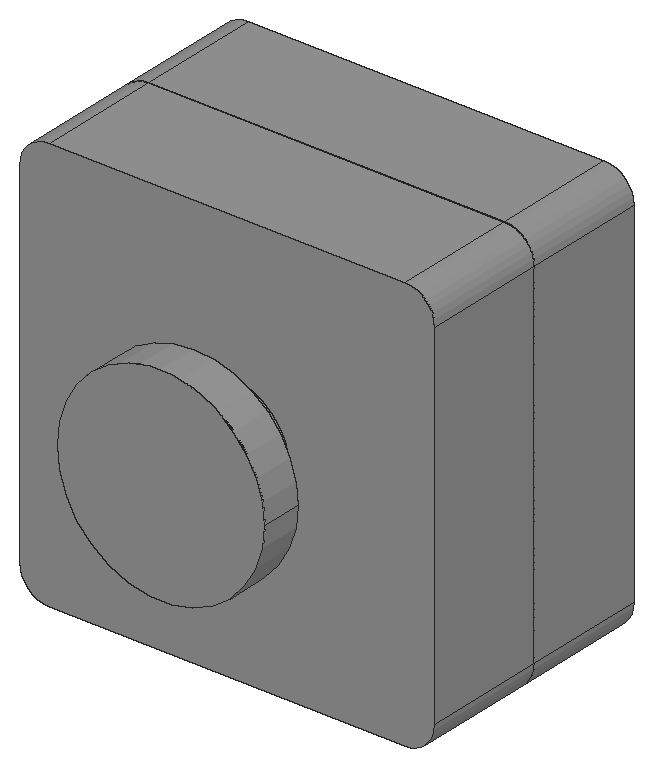
Revit family "ELF-OTR-AEC-E_Stop_Switch", category Electrical Fixtures, Revit 2016
Family settings
  Maintain Annotation Orientation = No
  Part Type = Normal
  Round Connector Dimension = Use Diameter
  Work Plane-Based = No
  Always vertical = Yes
  Cut with Voids When Loaded = No
  Shared = No
  Room Calculation Point = No
Parameters (values of type "Standard")
  Width = 100 mm
  Symbol <Detail Items> = DTL-GNL-AEC-E_Stop : adb131
  Overall Length = Length + 20 mm  # 80 mm
  Nub Material = Polyurethane Foam
  Material = Polystyrene, High Impact
  Length = 60 mm
  Is 180 deg Symbol [instance] = not(Is 0 deg Symbol)  # no
  Is 0 deg Symbol [instance] = yes
  Height = 100 mm
  Default Elevation [instance] = 1200 mm
Reference planes
  plane 1 "Center (Front/Back)": y = 0
  plane 2: z = 0
  plane 3 "Center (Left/Right)": x = 0
  plane 4: z = 1250
  plane 5 "Left surface": x = -50
  plane 6: x = 50
  plane 7: z = 1300
  plane 8: z = 1200
  plane 9 "Suface in the middle": y = -30
  plane 10 "Front surface": y = -60
  plane 11 "Top of button": y = -80
  plane 12 "Bottom of button": y = -70
Forms (mm)
  Extrusion 1, solid, material "Polystyrene, High Impact" <- "Material"
    sketch origin (0, 0, 0) x (1, 0, 0) y (0, 0, 1)
      loop
        arc (-42.929, 1300) -> (-47.929, 1297.929) -> (-50, 1292.929) r 7.071
        line (-50, 1292.929) -> (-50, 1207.071)
        arc (-50, 1207.071) -> (-47.929, 1202.071) -> (-42.929, 1200) r 7.071
        line (-42.929, 1200) -> (42.929, 1200)
        arc (42.929, 1200) -> (47.929, 1202.071) -> (50, 1207.071) r 7.071
        line (50, 1207.071) -> (50, 1292.929)
        arc (50, 1292.929) -> (47.929, 1297.929) -> (42.929, 1300) r 7.071
        line (42.929, 1300) -> (-42.929, 1300)
    from 0 to 30
  Extrusion 2, solid, material "Polystyrene, High Impact" <- "Material"
    sketch origin (0, -30, 0) x (1, 0, 0) y (0, 0, 1)
      loop
        arc (-42.929, 1300) -> (-47.929, 1297.929) -> (-50, 1292.929) r 7.071
        line (-50, 1292.929) -> (-50, 1207.071)
        arc (-50, 1207.071) -> (-47.929, 1202.071) -> (-42.929, 1200) r 7.071
        line (-42.929, 1200) -> (42.929, 1200)
        arc (42.929, 1200) -> (47.929, 1202.071) -> (50, 1207.071) r 7.071
        line (50, 1207.071) -> (50, 1292.929)
        arc (50, 1292.929) -> (47.929, 1297.929) -> (42.929, 1300) r 7.071
        line (42.929, 1300) -> (-42.929, 1300)
    from 0 to 30
  Extrusion 3, solid, material "Polystyrene, High Impact" <- "Material"
    sketch origin (0, -60, 0) x (1, 0, 0) y (0, 0, 1)
      loop
        circle (0, 1250) r 15
    from 0 to 10
  Extrusion 4, solid, material "Polyurethane Foam" <- "Nub Material"
    sketch origin (0, -74, 0) x (-1, 0, 0) y (0, 0, 1)
      loop
        circle (0, 1250) r 25
    from -6 to 4
Dimensions and locks
  equal spacing: plane 6, plane 3 "Center (Left/Right)", plane 5 "Left surface"
  equal spacing: plane 7, plane 4, plane 8
  equal spacing: plane 10 "Front surface", plane 9 "Suface in the middle", plane 1 "Center (Front/Back)"
  "Length": plane 10 "Front surface" to plane 1 "Center (Front/Back)"
  "Width": plane 6 to plane 5 "Left surface"
  "Height": plane 7 to plane 8
  "Default Elevation": plane 8 to level
  locked: plane 10 "Front surface" to plane 11 "Top of button" at 20
  equal spacing: plane 11 "Top of button", plane 12 "Bottom of button", plane 10 "Front surface"
  aligned and locked: level to plane 2
  aligned and locked: Extrusion 1 sketch curve to plane 7
  aligned and locked: plane 5 "Left surface" to Extrusion 1 sketch curve
  aligned and locked: plane 8 to Extrusion 1 sketch curve
  aligned and locked: Extrusion 1 sketch curve to plane 6
  aligned and locked: Extrusion 2 sketch curve to Extrusion 1  (x4)
  aligned and locked: nested 1 to plane 3 "Center (Left/Right)"
  aligned and locked: Extrusion 1 to plane 1 "Center (Front/Back)"
  aligned and locked: Extrusion 1 to plane 9 "Suface in the middle"
  aligned and locked: Extrusion 2 to plane 9 "Suface in the middle"
  aligned and locked: Extrusion 2 to plane 10 "Front surface"
  aligned and locked: Extrusion 3 to plane 10 "Front surface"
  aligned and locked: Extrusion 3 to plane 12 "Bottom of button"
  aligned and locked: plane 12 "Bottom of button" to Extrusion 4
  aligned and locked: Extrusion 4 to plane 11 "Top of button"
  aligned and locked: nested 1 to plane 1 "Center (Front/Back)"
  aligned and locked: nested 2 to plane 1 "Center (Front/Back)"
  aligned and locked: nested 2 to plane 3 "Center (Left/Right)"
Automatic sketch dimensions
  plane 5 "Left surface" to Extrusion 1 sketch curve = 7.071 mm  (x2)
  Extrusion 1 sketch curve to plane 6 = 7.071 mm  (x2)
  plane 5 "Left surface" to Extrusion 2 sketch curve = 7.071 mm  (x2)
  Extrusion 2 sketch curve to plane 6 = 7.071 mm  (x2)
  Extrusion 3 sketch curve to plane 3 "Center (Left/Right)" = 0 mm
  Extrusion 3 sketch curve to plane 4 = 0 mm
  Extrusion 4 sketch curve to plane 3 "Center (Left/Right)" = 0 mm
  Extrusion 4 sketch curve to plane 4 = 0 mm
  radius of Extrusion 3 sketch curve = 15 mm
  radius of Extrusion 4 sketch curve = 25 mm
Nested families
  nested 1: "DTL-GNL-AEC-E_Stop" at (0, 0, 0), type <- "Symbol <Detail Items>", visible <- "Is 0 deg Symbol", type "adb131"
  nested 2: "DTL-GNL-AEC-E_Stop" at (0, -560, 0) x (-1, 0, 0) z (0, 0, 1), type <- "Symbol <Detail Items>", visible <- "Is 180 deg Symbol", type "adb131"
Connectors
  electrical at (0, 0, 1250)
    settings: on Extrusion 1, index 1, voltage 0 V, apparent load 0 VA, apparent load phase1 0 VA, apparent load phase2 0 VA, apparent load phase3 0 VA, power factor 1, load classification "Other", number of poles 1, system type 13, power factor state 1, is connector primary yes, connector utility no, sub classification motor no, connector description ""
Definition of nested family "DTL-GNL-AEC-E_Stop"
  Types (2): name
    adb131
    Standard
  Reference planes
    plane 1 "Center (Front/Back)": y = 0
    plane 2: z = 0
    plane 3 "Center (Left/Right)": x = 0
    plane 4: y = -560
  Lines and regions (mm)
    Filled region 1, type "Solid Fill - Black", in view "Ref. Level", not visible
      outline origin (23.678, 0, 0) x (1, 0, 0) y (0, 1, 0)
        loop
          line (-248.886, 113.799) -> (-248.886, -109.074) -> (-107.515, -109.074) -> (-107.515, -85.074) -> (-226.806, -85.074) -> (-226.806, -11.826) -> (-107.515, -11.826) -> (-107.515, 12.174) -> (-226.806, 12.174) -> (-226.806, 89.799) -> (-107.515, 89.799) -> (-107.515, 113.799) -> (-248.886, 113.799)
    Filled region 2, type "Solid Fill - Black", in view "Ref. Level", not visible
      outline origin (0, 0, 0) x (1, 0, 0) y (0, 1, 0)
        loop
          line (-57.605, 12.174) -> (-57.605, -11.826) -> (61.516, -11.826) -> (61.516, 12.174) -> (-57.605, 12.174)
        loop
          arc (107.001, 1.118) -> (150.007, -20.16) -> (186.998, -50.721) r 208.114
          arc (186.998, -50.721) -> (150.796, -96.773) -> (93.303, -85.553) r 56.158
          arc (93.303, -85.553) -> (80.495, -68.217) -> (75.161, -47.334) r 56.158
          line (75.161, -47.334) -> (60.156, -42.512)
          arc (60.156, -42.512) -> (65.416, -73.071) -> (83.173, -98.491) r 71.158
          arc (83.173, -98.491) -> (157.96, -111.956) -> (202.261, -50.217) r 71.158
          arc (202.261, -50.217) -> (199.437, -40.473) -> (193.525, -32.229) r 29.976
          arc (193.525, -32.229) -> (156.011, -2.444) -> (113.004, 18.648) r 223.114
          arc (113.004, 18.648) -> (94.274, 30.621) -> (77.972, 45.735) r 124.454
          arc (77.972, 45.735) -> (83.169, 67.08) -> (96.156, 84.797) r 56.158
          arc (96.156, 84.797) -> (151.244, 96.85) -> (189.026, 54.988) r 56.158
          line (189.026, 54.988) -> (199.88, 62.172)
          arc (199.88, 62.172) -> (151.915, 114.934) -> (82.276, 99.61) r 71.158
          arc (82.276, 99.61) -> (64, 72.892) -> (59.45, 40.842) r 71.158
          arc (59.45, 40.842) -> (80.991, 18.306) -> (107.001, 1.118) r 139.454
